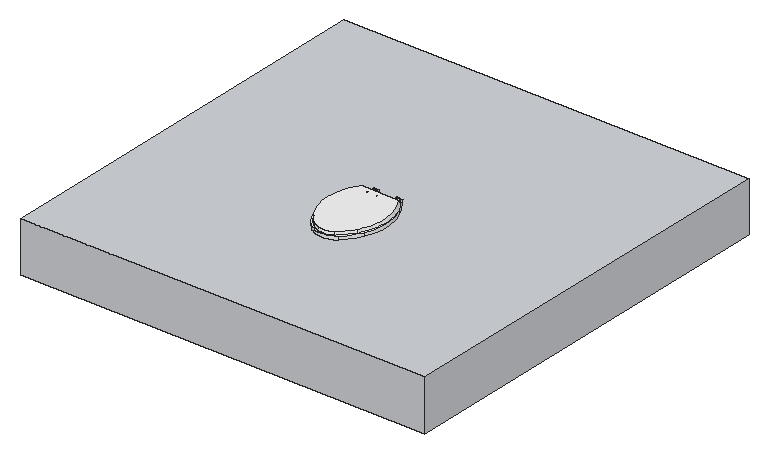
Revit family
Parameters (values of type "Plastic-White-0")
  Width = 1' - 2 3/16"
  URL = "http://www.us.kohler.com"
  Product Page URL = "http://www.us.kohler.com/onlinecatalog/detail.jsp?prod_num=2746"
  Product Documentation Link = "http://www.us.kohler.com/onlinecatalog/pdf/1133011_4.pdf"
  Model = "K-4774"  # constant formula
  Manufacturer = "Kohler"  # constant formula
  Length = 1' - 6 5/8"
  Height = 0' - 1 27/32"
  Finish = Plastic-Kohler-0-White
  Description = "Brevia(tm) Elongated Toilet Seat with Q2 Advantage(tm)"  # constant formula
  Default Elevation = 0' - 0"
  Created By = "http://medialab3dstudio.com/"
  Assembly Code = "C1030200"
  ADA Compliant = no
Reference planes (in)
  plane 1 "Pivot Center": y = 0
  plane 2 "Bottom": z = 0
  plane 3 "Center (Left/Right)": x = 0
  plane 4 "Left": x = -7.09375
  plane 5 "Right": x = 7.09375
  plane 6 "Front": y = -18.625
  plane 7 "Top": z = 1.84375
  plane 8: z = 0.95237
  plane 9: z = 0.75688
  plane 10: z = 1.45127
  plane 11: z = 1.94195
  plane 12: y = -3.12931
  plane 13 "Back": y = 1.08495
  plane 14: y = -1.04022
  plane 15: x = -4.11485
  plane 16: x = 4.11485
  plane 17: x = 4.80147
  plane 18: x = -4.80147
  plane 19: y = -1.2242
  plane 20: y = -14.47078
  plane 21: x = -5.26405
  plane 22: x = 5.26405
  plane 23: y = -17.77169
  plane 24: x = -2.35317
  plane 25: x = 2.35317
  plane 26: y = -1.3275
  plane 27: x = -3.98386
  plane 28: x = 3.98786
  plane 29: y = -1.50562
  plane 30: x = 4.64862
  plane 31: x = -4.64862
  plane 32: y = -14.33051
  plane 33: x = -5.09647
  plane 34: x = 5.09647
  plane 35: y = -17.52634
  plane 36: x = 2.27826
  plane 37: x = -2.27826
  plane 38: x = -5.99318
  plane 39: x = 6.00347
  plane 40: y = -13.2792
  plane 41: y = -17.44483
  plane 42: x = 3.19407
  plane 43: x = -3.19371
  plane 44: y = -0.57214
  plane 45: x = -7.26472
  plane 46: y = -3.80313
  plane 47: x = -6.24179
  plane 48: x = -4.70871
  plane 49: x = -4.33174
  plane 50: y = -0.7054
  plane 51: x = -3.42708
  plane 52: y = -1.52498
  plane 53: y = -0.8087
  plane 54: x = 7.26472
  plane 55: x = 6.24179
  plane 56: x = 4.70871
  plane 57: x = 4.33174
  plane 58: x = 3.42708
  plane 59: y = 0.90205
  plane 60: z = 0.38716
  plane 61: y = 1.02392
  plane 62: z = 0.57112
  plane 63: y = 1.06639
  plane 64: y = 0.80927
  plane 65: z = 0.60129
  plane 66: y = -0.10557
  plane 67: z = 0.61726
  plane 68: z = 0.66991
  plane 69: y = -0.48018
  plane 70: y = -0.74537
  plane 71: z = 0.79356
  plane 72: y = -0.88092
  plane 73: z = 0.78646
  plane 74: y = -1.18866
  plane 75: z = 0.70973
  plane 76: x = -3.42685
  plane 77: x = -2.118
  plane 78: x = 2.07618
  plane 79: x = 3.42897
  plane 80: y = -1.10177
  plane 81: z = 0.91266
  plane 82: y = -1.08882
Forms (in)
  Extrusion 1, solid
    sketch origin (0, 0, 0) x (1, 0, 0) y (0, 1, 0)
      loop
        line (-48, 48) -> (-48, -48) -> (48, -48) -> (48, 48) -> (-48, 48)
    from 0 to -12
  Blend 2, solid, material "Plastic-Kohler-0-White" <- "Finish"
    base sketch origin (0, 0, 0) x (1, 0, 0) y (0, 1, 0)
      loop
        line (4.11485, -1.04022) -> (-4.11485, -1.04022) -> (-4.80147, -1.2242)
        arc (-4.80147, -1.2242) -> (-6.96148, -7.78014) -> (-5.26405, -14.47078) r 12.34417
        arc (-5.26405, -14.47078) -> (-3.9666, -16.26056) -> (-2.35317, -17.77169) r 11.59958
        arc (-2.35317, -17.77169) -> (0, -18.41734) -> (2.35317, -17.77169) r 4.61111
        arc (2.35317, -17.77169) -> (3.9666, -16.26056) -> (5.26405, -14.47078) r 11.59958
        arc (5.26405, -14.47078) -> (6.96148, -7.78014) -> (4.80147, -1.2242) r 12.34417
        line (4.80147, -1.2242) -> (4.11485, -1.04022)
    top sketch origin (0, 0, 0) x (1, 0, 0) y (0, 1, 0)
      loop
        line (3.98386, -1.3275) -> (-3.98386, -1.3275) -> (-4.64862, -1.50562)
        arc (-4.64862, -1.50562) -> (-6.73987, -7.85286) -> (-5.09647, -14.33051) r 11.95121
        arc (-5.09647, -14.33051) -> (-3.84033, -16.06331) -> (-2.27826, -17.52634) r 11.23032
        arc (-2.27826, -17.52634) -> (0, -18.15144) -> (2.27826, -17.52634) r 4.46432
        arc (2.27826, -17.52634) -> (3.84033, -16.06331) -> (5.09647, -14.33051) r 11.23032
        arc (5.09647, -14.33051) -> (6.73987, -7.85286) -> (4.64862, -1.50562) r 11.95121
        line (4.64862, -1.50562) -> (3.98386, -1.3275)
    from 0.95237 to 1.84375
  Extrusion 3, void
    sketch origin (0, 0, 0) x (0, 1, 0) y (0, 0, 1)
      loop
        line (0, 1.84375) -> (0, 1.94195) -> (-18.625, 1.94195) -> (-18.625, 1.45139) -> (0, 1.84375)
    from -7.09375 to 7.09375
  Extrusion 4, solid, material "Plastic-Kohler-0-White" <- "Finish"
    sketch origin (0, 0, 0) x (1, 0, 0) y (0, 1, 0)
      loop
        line (6.00347, -3.12931) -> (-5.99318, -3.12931)
        arc (-5.99318, -3.12931) -> (-7.09725, -8.20426) -> (-5.99318, -13.2792) r 12.2158
        arc (-5.99318, -13.2792) -> (-4.87757, -15.55296) -> (-3.19371, -17.44483) r 9.36926
        arc (-3.19371, -17.44483) -> (0.00024, -18.625) -> (3.19407, -17.44449) r 4.91137
        arc (3.19407, -17.44449) -> (4.82053, -15.51142) -> (6.00347, -13.2792) r 11.92983
        arc (6.00347, -13.2792) -> (7.10753, -8.20426) -> (6.00347, -3.12931) r 12.2158
    from 0 to 0.75688
  Extrusion 5, solid, material "Plastic-Kohler-0-White" <- "Finish"
    sketch origin (0, 0, 0) x (0, 1, 0) y (0, 0, 1)
      loop
        arc (-3.12931, 0) -> (-1.90992, 0.16053) -> (-0.76113, 0.59982) r 5.26053
        arc (-0.76113, 0.59982) -> (-0.77843, 0.90812) -> (-0.83848, 1.21102) r 2.21366
        arc (-0.83848, 1.21102) -> (-0.90732, 1.27901) -> (-1.00063, 1.30464) r 0.19141
        arc (-1.00063, 1.30464) -> (-1.11085, 1.30591) -> (-1.21917, 1.28552) r 0.55893
        arc (-1.21917, 1.28552) -> (-1.64538, 1.16483) -> (-2.05554, 0.99753) r 3.98137
        arc (-2.05554, 0.99753) -> (-2.57898, 0.81724) -> (-3.12931, 0.75688) r 2.49387
        line (-3.12931, 0.75688) -> (-3.12931, 0)
    from -7.09375 to 7.09375
  Extrusion 6, void
    sketch origin (0, 0, 0) x (1, 0, 0) y (0, 1, 0)
      loop
        arc (-6.24179, -3.80313) -> (-5.58957, -2.24746) -> (-4.70898, -0.8087) r 11.09088
        arc (-4.70898, -0.8087) -> (-4.52731, -0.73169) -> (-4.33174, -0.7054) r 0.74043
        line (-4.33174, -0.7054) -> (-3.42708, -0.7054) -> (-3.42708, -1.52498)
        arc (-3.42708, -1.52498) -> (0.00094, -1.55068) -> (3.42897, -1.52495) r 228.5301
        line (3.42897, -1.52495) -> (3.42897, -0.7054) -> (4.33174, -0.7054)
        arc (4.33174, -0.7054) -> (4.52731, -0.73169) -> (4.70898, -0.8087) r 0.74043
        arc (4.70898, -0.8087) -> (5.58957, -2.24746) -> (6.24179, -3.80313) r 11.09088
        line (6.24179, -3.80313) -> (7.26472, -3.80313) -> (7.26472, -0.57214) -> (-7.26472, -0.57214) -> (-7.26472, -3.80313) -> (-6.24179, -3.80313)
    from 0 to 1.94195
  Extrusion 7, solid, material "Plastic-Kohler-0-White" <- "Finish"
    sketch origin (0, 0, 0) x (0, 1, 0) y (0, 0, 1)
      loop
        line (-1.18866, 0) -> (0.90205, 0)
        arc (0.90205, 0) -> (0.93061, 0.21634) -> (1.06639, 0.38716) r 0.40879
        arc (1.06639, 0.38716) -> (1.08141, 0.48751) -> (1.02392, 0.57112) r 0.13837
        line (1.02392, 0.57112) -> (0.80927, 0.60129) -> (-0.10557, 0.61726)
        arc (-0.10557, 0.61726) -> (-0.29448, 0.63213) -> (-0.48018, 0.66991) r 1.55204
        line (-0.48018, 0.66991) -> (-0.74537, 0.79356)
        arc (-0.74537, 0.79356) -> (-0.81343, 0.79542) -> (-0.88092, 0.78646) r 0.42827
        line (-0.88092, 0.78646) -> (-1.18866, 0.70973) -> (-1.18866, 0)
    from -3.42685 to -2.118
  Extrusion 8, solid, material "Plastic-Kohler-0-White" <- "Finish"
    sketch origin (0, 0, 0) x (0, 1, 0) y (0, 0, 1)
      loop
        line (-1.18866, 0) -> (0.90205, 0)
        arc (0.90205, 0) -> (0.93061, 0.21634) -> (1.06639, 0.38716) r 0.40879
        arc (1.06639, 0.38716) -> (1.08141, 0.48751) -> (1.02392, 0.57112) r 0.13837
        line (1.02392, 0.57112) -> (0.80927, 0.60129) -> (-0.10557, 0.61726)
        arc (-0.10557, 0.61726) -> (-0.29448, 0.63213) -> (-0.48018, 0.66991) r 1.55204
        line (-0.48018, 0.66991) -> (-0.74537, 0.79356)
        arc (-0.74537, 0.79356) -> (-0.81343, 0.79542) -> (-0.88092, 0.78646) r 0.42827
        line (-0.88092, 0.78646) -> (-1.18866, 0.70973) -> (-1.18866, 0)
    from 2.07618 to 3.42897
  Extrusion 9, solid, material "Plastic-Kohler-0-White" <- "Finish"
    sketch origin (0, 0, 0) x (0, 1, 0) y (0, 0, 1)
      loop
        arc (-0.91311, 0.91266) -> (-0.96837, 1.04607) -> (-1.10177, 1.10133) r 0.18866
        arc (-1.10177, 1.10133) -> (-1.23518, 1.04607) -> (-1.29044, 0.91266) r 0.18866
        arc (-1.29044, 0.91266) -> (-1.23518, 0.77926) -> (-1.10177, 0.724) r 0.18866
        arc (-1.10177, 0.724) -> (-0.96837, 0.77926) -> (-0.91311, 0.91266) r 0.18866
    from -3.42685 to 3.42897
Cuts and joins
  Extrusion 3 cuts Blend 2
  Extrusion 6 cuts Extrusion 5
  joined: Blend 2, Extrusion 4, Extrusion 5, Extrusion 9
Lines and regions (in)
  Masking region 1, detail levels coarse
    outline origin (0, 0, 0) x (1, 0, 0) y (0, 1, 0)
      loop
        line (-7.09375, 1.08495) -> (-7.09375, -18.625) -> (7.09375, -18.625) -> (7.09375, 1.08495) -> (-7.09375, 1.08495)
  Masking region 2, detail levels medium+fine
    outline origin (0, 0, 0) x (1, 0, 0) y (0, 1, 0)
      loop
        arc (-5.99455, -3.1323) -> (-7.09725, -8.2059) -> (-5.99318, -13.2792) r 12.2158
        arc (-5.99318, -13.2792) -> (-4.87757, -15.55296) -> (-3.19371, -17.44483) r 9.36926
        arc (-3.19371, -17.44483) -> (0.00024, -18.625) -> (3.19407, -17.44449) r 4.91137
        arc (3.19407, -17.44449) -> (4.82053, -15.51142) -> (6.00347, -13.2792) r 11.92983
        arc (6.00347, -13.2792) -> (7.10703, -8.09306) -> (5.90924, -2.92787) r 12.2158
        arc (5.90924, -2.92787) -> (5.36746, -1.83524) -> (4.70898, -0.8087) r 11.09088
        arc (4.70898, -0.8087) -> (4.66213, -0.78319) -> (4.61357, -0.76113) r 0.74043
        line (4.61357, -0.76113) -> (3.42897, -0.76113) -> (3.42897, 1.08495) -> (2.07618, 1.08495) -> (2.07618, -0.91505) -> (-2.118, -0.91505) -> (-2.118, 1.08495) -> (-3.42685, 1.08495) -> (-3.42685, -0.76113) -> (-4.61357, -0.76113)
        arc (-4.61357, -0.76113) -> (-4.66213, -0.78319) -> (-4.70898, -0.8087) r 0.74043
        arc (-4.70898, -0.8087) -> (-5.42156, -1.93189) -> (-5.99455, -3.1323) r 11.09088
  Masking region 3, detail levels coarse
    outline origin (0, 0, 0) x (1, 0, 0) y (0, 0, 1)
      loop
        line (-7.09375, 1.84375) -> (-7.09375, 0) -> (7.09375, 0) -> (7.09375, 1.84375) -> (-7.09375, 1.84375)
  Masking region 4, detail levels medium+fine
    outline origin (0, 0, 0) x (1, 0, 0) y (0, 0, 1)
      loop
        line (-7.09725, 0) -> (7.09375, 0) -> (7.09375, 0.75688) -> (5.99334, 0.75688)
        spline (5.99334, 0.75688) -> (5.95799, 0.75827) -> (5.9221, 0.7624) -> (5.88572, 0.76927) -> (5.84887, 0.77887) -> (5.81159, 0.79119) -> (5.77391, 0.80622) -> (5.73587, 0.82395) -> (5.69751, 0.84436) -> (5.65885, 0.86743) -> (5.61995, 0.89314) -> (5.58083, 0.92146) -> (5.54154, 0.95237)
        line (5.54154, 0.95237) -> (6.969, 0.95237) -> (6.78991, 1.67443)
        spline (6.78991, 1.67443) -> (6.77463, 1.68674) -> (6.72883, 1.69901) -> (6.65262, 1.71123) -> (6.54621, 1.72335) -> (6.40986, 1.73534) -> (6.24392, 1.74718) -> (6.04881, 1.75884) -> (5.82502, 1.77028) -> (5.57314, 1.78148) -> (5.2938, 1.7924) -> (4.9877, 1.80302) -> (4.65564, 1.81332)
        line (4.65564, 1.81332) -> (3.98786, 1.81693) -> (-3.98786, 1.81693) -> (-4.65564, 1.81332)
        spline (-4.65564, 1.81332) -> (-4.97852, 1.80332) -> (-5.27691, 1.79302) -> (-5.55012, 1.78243) -> (-5.79748, 1.77158) -> (-6.01839, 1.7605) -> (-6.21233, 1.74921) -> (-6.37883, 1.73774) -> (-6.51749, 1.72612) -> (-6.62798, 1.71437) -> (-6.71003, 1.70253) -> (-6.76344, 1.69062) -> (-6.78809, 1.67867)
      loop
        line (-6.79111, 1.67943) -> (-6.969, 0.95237) -> (-5.5433, 0.95237)
        spline (-5.5433, 0.95237) -> (-5.58335, 0.92174) -> (-5.62306, 0.89364) -> (-5.66238, 0.86811) -> (-5.7013, 0.84517) -> (-5.73976, 0.82484) -> (-5.77773, 0.80713) -> (-5.81518, 0.79208) -> (-5.85207, 0.77968) -> (-5.88836, 0.76995) -> (-5.92403, 0.76291) -> (-5.95903, 0.75855) -> (-5.99334, 0.75688)
        line (-5.99334, 0.75688) -> (-7.09375, 0.75688) -> (-7.09375, 0)
  Masking region 5, detail levels coarse
    outline origin (0, 0, 0) x (0, 1, 0) y (0, 0, 1)
      loop
        line (1.08495, 1.84375) -> (-18.625, 1.84375) -> (-18.625, 0) -> (1.08495, 0) -> (1.08495, 1.84375)
  Masking region 6, detail levels medium+fine
    outline origin (0, 0, 0) x (0, 1, 0) y (0, 0, 1)
      loop
        line (-18.25065, 1.45901) -> (-18.41734, 0.95237) -> (-2.15647, 0.95237)
        arc (-2.15647, 0.95237) -> (-2.63307, 0.80575) -> (-3.12931, 0.75688) r 2.49387
        line (-3.12931, 0.75688) -> (-18.625, 0.75688) -> (-18.625, 0) -> (-3.12931, 0)
        arc (-3.12931, 0) -> (-2.13999, 0.10772) -> (-1.18866, 0.39984) r 5.26053
        line (-1.18866, 0.39984) -> (-1.18866, 0) -> (0.90205, 0)
        arc (0.90205, 0) -> (0.93061, 0.21634) -> (1.06639, 0.38716) r 0.40879
        arc (1.06639, 0.38716) -> (1.08141, 0.48751) -> (1.02392, 0.57112) r 0.13837
        line (1.02392, 0.57112) -> (0.80927, 0.60129) -> (-0.10557, 0.61726)
        arc (-0.10557, 0.61726) -> (-0.29448, 0.63213) -> (-0.48018, 0.66991) r 1.55204
        line (-0.48018, 0.66991) -> (-0.76775, 0.804)
        arc (-0.76775, 0.804) -> (-0.7936, 1.00916) -> (-0.83848, 1.21102) r 2.21366
        arc (-0.83848, 1.21102) -> (-0.90732, 1.27901) -> (-1.00063, 1.30464) r 0.19141
        arc (-1.00063, 1.30464) -> (-1.07752, 1.30782) -> (-1.15412, 1.30041) r 0.55893
        line (-1.15412, 1.30041) -> (-1.31872, 1.81693) -> (-18.25065, 1.45901)
  symbolic lines, style "Masking Lines", detail levels fine
    curve 1: spline (-5.39717, -13.9346, 0) -> (-5.86328, -12.94762, 0) -> (-6.23771, -11.92236, 0) -> (-6.51738, -10.86732, 0) -> (-6.69997, -9.79123, 0) -> (-6.78396, -8.703, 0) -> (-6.76865, -7.61164, 0) -> (-6.65418, -6.52619, 0) -> (-6.4415, -5.45564, 0) -> (-6.13235, -4.40885, 0) -> (-5.72931, -3.39449, 0) -> (-5.23571, -2.42096, 0) -> (-4.65564, -1.49633, 0)
    curve 2: spline (-2.30894, -17.62647, 0) -> (-2.62361, -17.37283, 0) -> (-2.92905, -17.10816, 0) -> (-3.22487, -16.83278, 0) -> (-3.51071, -16.54706, 0) -> (-3.78619, -16.25135, 0) -> (-4.05097, -15.94602, 0) -> (-4.30472, -15.63146, 0) -> (-4.54711, -15.30808, 0) -> (-4.77783, -14.97627, 0) -> (-4.9966, -14.63647, 0) -> (-5.20313, -14.2891, 0) -> (-5.39717, -13.9346, 0)
    curve 3: spline (2.30894, -17.62647, 0) -> (1.95327, -17.81795, 0) -> (1.58185, -17.97676, 0) -> (1.19768, -18.10163, 0) -> (0.80386, -18.19155, 0) -> (0.40355, -18.24579, 0) -> (0, -18.26392, 0) -> (-0.40355, -18.24579, 0) -> (-0.80386, -18.19155, 0) -> (-1.19768, -18.10163, 0) -> (-1.58185, -17.97676, 0) -> (-1.95327, -17.81795, 0) -> (-2.30894, -17.62647, 0)
    curve 4: spline (5.39717, -13.9346, 0) -> (5.20313, -14.2891, 0) -> (4.9966, -14.63647, 0) -> (4.77783, -14.97627, 0) -> (4.54711, -15.30808, 0) -> (4.30472, -15.63146, 0) -> (4.05097, -15.94602, 0) -> (3.78619, -16.25135, 0) -> (3.51071, -16.54706, 0) -> (3.22487, -16.83278, 0) -> (2.92905, -17.10816, 0) -> (2.62361, -17.37283, 0) -> (2.30894, -17.62647, 0)
    curve 5: spline (4.65564, -1.49633, 0) -> (5.23571, -2.42096, 0) -> (5.72931, -3.39449, 0) -> (6.13235, -4.40885, 0) -> (6.4415, -5.45564, 0) -> (6.65418, -6.52619, 0) -> (6.76865, -7.61164, 0) -> (6.78396, -8.703, 0) -> (6.69997, -9.79123, 0) -> (6.51738, -10.86732, 0) -> (6.23771, -11.92236, 0) -> (5.86328, -12.94762, 0) -> (5.39717, -13.9346, 0)
    curve 6: line (3.98786, -1.31872, 0) -> (4.65564, -1.49633, 0)
    curve 7: line (-3.98786, -1.31872, 0) -> (3.98786, -1.31872, 0)
    curve 8: line (-4.65564, -1.49633, 0) -> (-3.98786, -1.31872, 0)
    curve 9: line (-4.06291, -1.15412, 0) -> (-3.42708, -1.15412, 0)
    curve 10: spline (-4.74777, -1.32307, 0) -> (-4.71263, -1.31445, 0) -> (-4.67749, -1.30583, 0) -> (-4.64234, -1.29719, 0) -> (-4.6072, -1.28855, 0) -> (-4.57207, -1.2799, 0) -> (-4.53693, -1.27125, 0) -> (-4.50179, -1.26258, 0) -> (-4.46665, -1.25392, 0) -> (-4.43151, -1.24524, 0) -> (-4.39638, -1.23656, 0) -> (-4.36124, -1.22787, 0) -> (-4.32611, -1.21917, 0)
    curve 11: spline (-4.32611, -1.21917, 0) -> (-4.30416, -1.21386, 0) -> (-4.28223, -1.20852, 0) -> (-4.26029, -1.20317, 0) -> (-4.23835, -1.19779, 0) -> (-4.21641, -1.1924, 0) -> (-4.19448, -1.18699, 0) -> (-4.17255, -1.18156, 0) -> (-4.15062, -1.17611, 0) -> (-4.12869, -1.17064, 0) -> (-4.10676, -1.16515, 0) -> (-4.08484, -1.15965, 0) -> (-4.06291, -1.15412, 0)
    curve 12: spline (-5.30469, -2.05042, 0) -> (-5.25992, -1.99081, 0) -> (-5.21482, -1.93098, 0) -> (-5.1694, -1.87094, 0) -> (-5.12367, -1.81071, 0) -> (-5.07765, -1.75028, 0) -> (-5.03132, -1.68968, 0) -> (-4.98472, -1.62892, 0) -> (-4.93784, -1.56801, 0) -> (-4.8907, -1.50695, 0) -> (-4.8433, -1.44577, 0) -> (-4.79565, -1.38448, 0) -> (-4.74777, -1.32307, 0)
    curve 13: spline (-5.38225, -2.15649, 0) -> (-5.37585, -2.14753, 0) -> (-5.36944, -2.13859, 0) -> (-5.36301, -2.12968, 0) -> (-5.35657, -2.12078, 0) -> (-5.35013, -2.11191, 0) -> (-5.34367, -2.10306, 0) -> (-5.3372, -2.09423, 0) -> (-5.33072, -2.08542, 0) -> (-5.32423, -2.07664, 0) -> (-5.31773, -2.06787, 0) -> (-5.31121, -2.05913, 0) -> (-5.30469, -2.05042, 0)
    curve 14: arc (-5.26405, -14.47078, 0) -> (-6.96843, -8.32943, 0) -> (-5.38225, -2.15649, 0) r 12.34417
    curve 15: arc (-2.35317, -17.77169, 0) -> (-3.9666, -16.26056, 0) -> (-5.26405, -14.47078, 0) r 11.59958
    curve 16: arc (2.35317, -17.77169, 0) -> (0, -18.41734, 0) -> (-2.35317, -17.77169, 0) r 4.61111
    curve 17: arc (5.26405, -14.47078, 0) -> (3.9666, -16.26056, 0) -> (2.35317, -17.77169, 0) r 11.59958
    curve 18: arc (5.38224, -2.15647, 0) -> (6.96843, -8.32942, 0) -> (5.26405, -14.47078, 0) r 12.34417
    curve 19: spline (4.74777, -1.32307, 0) -> (4.79622, -1.38473, 0) -> (4.8444, -1.44631, 0) -> (4.89228, -1.5078, 0) -> (4.93986, -1.56921, 0) -> (4.98713, -1.6305, 0) -> (5.03407, -1.69168, 0) -> (5.08069, -1.75272, 0) -> (5.12697, -1.81362, 0) -> (5.17291, -1.87436, 0) -> (5.21848, -1.93494, 0) -> (5.26369, -1.99533, 0) -> (5.30853, -2.05554, 0)
    curve 20: spline (4.32611, -1.21917, 0) -> (4.36124, -1.22787, 0) -> (4.39638, -1.23656, 0) -> (4.43151, -1.24524, 0) -> (4.46665, -1.25392, 0) -> (4.50179, -1.26258, 0) -> (4.53693, -1.27125, 0) -> (4.57206, -1.2799, 0) -> (4.6072, -1.28855, 0) -> (4.64234, -1.29719, 0) -> (4.67748, -1.30583, 0) -> (4.71263, -1.31445, 0) -> (4.74777, -1.32307, 0)
    curve 21: spline (4.06291, -1.15412, 0) -> (4.08484, -1.15965, 0) -> (4.10676, -1.16515, 0) -> (4.12869, -1.17064, 0) -> (4.15062, -1.17611, 0) -> (4.17255, -1.18156, 0) -> (4.19448, -1.18699, 0) -> (4.21641, -1.1924, 0) -> (4.23835, -1.19779, 0) -> (4.26029, -1.20317, 0) -> (4.28222, -1.20852, 0) -> (4.30416, -1.21386, 0) -> (4.32611, -1.21917, 0)
    curve 22: line (3.42897, -1.15412, 0) -> (4.06291, -1.15412, 0)
    curve 23: line (3.42897, -1.08882, 0) -> (-3.42685, -1.08882, 0)
    curve 24: line (-6.969, -18.625, 0.95237) -> (6.969, -18.625, 0.95237)
    curve 25: line (7.10753, -18.625, 0.75688) -> (-7.09375, -18.625, 0.75688)
    curve 26: spline (-5.0348, -18.625, 1.53382) -> (-5.3092, -18.625, 1.54345) -> (-5.5617, -18.625, 1.55333) -> (-5.79176, -18.625, 1.56343) -> (-5.99891, -18.625, 1.57374) -> (-6.18272, -18.625, 1.58423) -> (-6.3428, -18.625, 1.59488) -> (-6.47882, -18.625, 1.60566) -> (-6.5905, -18.625, 1.61656) -> (-6.6776, -18.625, 1.62756) -> (-6.73995, -18.625, 1.63862) -> (-6.77741, -18.625, 1.64973) -> (-6.78991, -18.625, 1.66086)
    curve 27: spline (-2.30032, -18.625, 1.47161) -> (-2.56877, -18.625, 1.47598) -> (-2.83059, -18.625, 1.48051) -> (-3.08555, -18.625, 1.4852) -> (-3.3334, -18.625, 1.49004) -> (-3.57392, -18.625, 1.49504) -> (-3.8069, -18.625, 1.50018) -> (-4.03212, -18.625, 1.50546) -> (-4.24936, -18.625, 1.51088) -> (-4.45844, -18.625, 1.51643) -> (-4.65917, -18.625, 1.52211) -> (-4.85134, -18.625, 1.5279) -> (-5.0348, -18.625, 1.53382)
    curve 28: spline (2.30894, -18.625, 1.47171) -> (1.95402, -18.625, 1.46783) -> (1.58341, -18.625, 1.4646) -> (1.2001, -18.625, 1.46206) -> (0.80715, -18.625, 1.46023) -> (0.40772, -18.625, 1.45913) -> (0.00502, -18.625, 1.45875) -> (-0.39772, -18.625, 1.45911) -> (-0.79727, -18.625, 1.4602) -> (-1.19042, -18.625, 1.46201) -> (-1.57402, -18.625, 1.46453) -> (-1.94498, -18.625, 1.46774) -> (-2.30032, -18.625, 1.47161)
    curve 29: spline (5.03298, -18.625, 1.53373) -> (4.85009, -18.625, 1.52784) -> (4.65854, -18.625, 1.52206) -> (4.45851, -18.625, 1.5164) -> (4.25017, -18.625, 1.51087) -> (4.03373, -18.625, 1.50547) -> (3.80937, -18.625, 1.50021) -> (3.5773, -18.625, 1.49508) -> (3.33774, -18.625, 1.4901) -> (3.09089, -18.625, 1.48527) -> (2.83699, -18.625, 1.48059) -> (2.57626, -18.625, 1.47607) -> (2.30894, -18.625, 1.47171)
    curve 30: spline (6.78991, -18.625, 1.66084) -> (6.7774, -18.625, 1.6497) -> (6.7399, -18.625, 1.63858) -> (6.67749, -18.625, 1.62752) -> (6.59029, -18.625, 1.61652) -> (6.47849, -18.625, 1.60561) -> (6.34233, -18.625, 1.59482) -> (6.18208, -18.625, 1.58417) -> (5.99808, -18.625, 1.57367) -> (5.79071, -18.625, 1.56336) -> (5.56041, -18.625, 1.55325) -> (5.30766, -18.625, 1.54337) -> (5.03298, -18.625, 1.53373)
    curve 31: arc (0, -1.18866, 0.39984) -> (0, -0.97265, 0.49503) -> (0, -0.76113, 0.59982) r 5.26053
    curve 32: arc (0, -1.15385, 1.29957) -> (0, -1.66228, 1.15896) -> (0, -2.14767, 0.95237) r 3.98137
    curve 33: spline (5.54154, 1.08495, 0.95237) -> (5.53716, 1.08495, 0.95596) -> (5.53279, 1.08495, 0.95958) -> (5.52841, 1.08495, 0.96324) -> (5.52403, 1.08495, 0.96692) -> (5.51965, 1.08495, 0.97064) -> (5.51527, 1.08495, 0.97439) -> (5.51089, 1.08495, 0.97817) -> (5.5065, 1.08495, 0.98198) -> (5.50212, 1.08495, 0.98582) -> (5.49773, 1.08495, 0.98969) -> (5.49334, 1.08495, 0.9936) -> (5.48895, 1.08495, 0.99753)
    curve 34: spline (5.48895, 1.08495, 0.99753) -> (5.45144, 1.08495, 1.02938) -> (5.41317, 1.08495, 1.05982) -> (5.37414, 1.08495, 1.08887) -> (5.33438, 1.08495, 1.1165) -> (5.2939, 1.08495, 1.1427) -> (5.25271, 1.08495, 1.16747) -> (5.21083, 1.08495, 1.1908) -> (5.16826, 1.08495, 1.21267) -> (5.12504, 1.08495, 1.23309) -> (5.08117, 1.08495, 1.25204) -> (5.03666, 1.08495, 1.26952) -> (4.99154, 1.08495, 1.28552)
    curve 35: spline (4.99154, 1.08495, 1.28552) -> (4.9796, 1.08495, 1.29043) -> (4.96757, 1.08495, 1.29474) -> (4.95547, 1.08495, 1.29846) -> (4.94329, 1.08495, 1.30157) -> (4.93105, 1.08495, 1.30408) -> (4.91876, 1.08495, 1.30598) -> (4.90643, 1.08495, 1.30728) -> (4.89407, 1.08495, 1.30797) -> (4.88169, 1.08495, 1.30805) -> (4.86929, 1.08495, 1.30752) -> (4.85688, 1.08495, 1.30638) -> (4.84449, 1.08495, 1.30464)
    curve 36: spline (4.84449, 1.08495, 1.30464) -> (4.83307, 1.08495, 1.30411) -> (4.82179, 1.08495, 1.30216) -> (4.81073, 1.08495, 1.29881) -> (4.79995, 1.08495, 1.29407) -> (4.7895, 1.08495, 1.28797) -> (4.77944, 1.08495, 1.28054) -> (4.76984, 1.08495, 1.27184) -> (4.76074, 1.08495, 1.26189) -> (4.7522, 1.08495, 1.25078) -> (4.74427, 1.08495, 1.23854) -> (4.73699, 1.08495, 1.22527) -> (4.7304, 1.08495, 1.21102)
    curve 37: spline (4.7304, 1.08495, 1.21102) -> (4.72843, 1.08495, 1.20084) -> (4.7265, 1.08495, 1.19063) -> (4.7246, 1.08495, 1.18041) -> (4.72273, 1.08495, 1.17017) -> (4.72089, 1.08495, 1.15992) -> (4.71909, 1.08495, 1.14964) -> (4.71732, 1.08495, 1.13935) -> (4.71558, 1.08495, 1.12904) -> (4.71388, 1.08495, 1.11872) -> (4.71221, 1.08495, 1.10837) -> (4.71058, 1.08495, 1.09802) -> (4.70898, 1.08495, 1.08764)
    curve 38: line (4.70898, 1.08495, 1.08764) -> (4.70898, 1.08495, 0.57586)
    curve 39: spline (4.70898, 1.08495, 0.57586) -> (4.83233, 1.08495, 0.49027) -> (4.95325, 1.08495, 0.4112) -> (5.07157, 1.08495, 0.33878) -> (5.18712, 1.08495, 0.2731) -> (5.29975, 1.08495, 0.21424) -> (5.4093, 1.08495, 0.1623) -> (5.51563, 1.08495, 0.11734) -> (5.61857, 1.08495, 0.07942) -> (5.718, 1.08495, 0.0486) -> (5.81378, 1.08495, 0.02492) -> (5.90577, 1.08495, 0.00841) -> (5.99384, 1.08495, -0.0009)
    curve 40: spline (4.61357, 1.08495, 0.59982) -> (4.62182, 1.08495, 0.59801) -> (4.63002, 1.08495, 0.59616) -> (4.63816, 1.08495, 0.59426) -> (4.64626, 1.08495, 0.59231) -> (4.6543, 1.08495, 0.59033) -> (4.66229, 1.08495, 0.5883) -> (4.67022, 1.08495, 0.58622) -> (4.67809, 1.08495, 0.58411) -> (4.68591, 1.08495, 0.58195) -> (4.69366, 1.08495, 0.57974) -> (4.70135, 1.08495, 0.5775) -> (4.70898, 1.08495, 0.57521)
    curve 41: line (4.61357, 1.08495, 0.59982) -> (3.42897, 1.08495, 0.59982)
    curve 42: line (3.42897, 1.08495, 0) -> (3.42897, 1.08495, 0.79356)
    curve 43: line (3.42897, 1.08495, 0.27383) -> (3.42897, 1.08495, 1.30464)
    curve 44: line (3.42897, 1.08495, 1.30464) -> (4.84449, 1.08495, 1.30464)
    curve 45: line (-3.42708, 1.08495, 1.10088) -> (3.42897, 1.08495, 1.10088)
    curve 46: line (2.07618, 1.08495, 0.79356) -> (3.42897, 1.08495, 0.79356)
    curve 47: line (2.07618, 1.08495, 0.79356) -> (2.07618, 1.08495, 0)
    curve 48: line (2.07618, 1.08495, 0.38716) -> (3.42897, 1.08495, 0.38716)
    curve 49: line (2.07618, 1.08495, 0.57112) -> (3.42897, 1.08495, 0.57112)
    curve 50: line (2.07618, 1.08495, 0.60129) -> (3.42897, 1.08495, 0.60129)
    curve 51: line (2.07618, 1.08495, 0.66991) -> (3.42897, 1.08495, 0.66991)
    curve 52: spline (-2.118, 1.08495, 0.26848) -> (-1.76849, 1.08495, 0.26748) -> (-1.41898, 1.08495, 0.26666) -> (-1.06947, 1.08495, 0.26602) -> (-0.71995, 1.08495, 0.26557) -> (-0.37043, 1.08495, 0.26529) -> (-0.02091, 1.08495, 0.26518) -> (0.32861, 1.08495, 0.26526) -> (0.67813, 1.08495, 0.26552) -> (1.02764, 1.08495, 0.26596) -> (1.37716, 1.08495, 0.26658) -> (1.72667, 1.08495, 0.26738) -> (2.07618, 1.08495, 0.26835)
    curve 53: line (2.07618, 1.08495, 0.75688) -> (-3.42708, 1.08495, 0.75688)
    curve 54: line (-3.42708, 1.08495, 0.38716) -> (-2.118, 1.08495, 0.38716)
    curve 55: line (-3.42708, 1.08495, 0.57112) -> (-2.118, 1.08495, 0.57112)
    curve 56: line (-3.42708, 1.08495, 0.60129) -> (-2.118, 1.08495, 0.60129)
    curve 57: line (-3.42708, 1.08495, 0.66991) -> (-2.118, 1.08495, 0.66991)
    curve 58: line (-3.42708, 1.08495, 0.79356) -> (-2.118, 1.08495, 0.79356)
    curve 59: line (-2.118, 1.08495, 0) -> (-2.118, 1.08495, 0.79356)
    curve 60: line (-3.42708, 1.08495, 1.30464) -> (-3.42708, 1.08495, 0)
    curve 61: line (-4.84449, 1.08495, 1.30464) -> (-3.42708, 1.08495, 1.30464)
    curve 62: line (-3.42708, 1.08495, 0.59982) -> (-4.61357, 1.08495, 0.59982)
    curve 63: spline (-4.71059, 1.08495, 0.57473) -> (-4.70284, 1.08495, 0.57706) -> (-4.69502, 1.08495, 0.57934) -> (-4.68714, 1.08495, 0.58159) -> (-4.6792, 1.08495, 0.58379) -> (-4.6712, 1.08495, 0.58595) -> (-4.66313, 1.08495, 0.58806) -> (-4.65501, 1.08495, 0.59013) -> (-4.64683, 1.08495, 0.59216) -> (-4.63859, 1.08495, 0.59414) -> (-4.6303, 1.08495, 0.59608) -> (-4.62196, 1.08495, 0.59797) -> (-4.61357, 1.08495, 0.59982)
    curve 64: spline (-5.99382, 1.08495, -0.00092) -> (-5.90471, 1.08495, 0.00767) -> (-5.81191, 1.08495, 0.02356) -> (-5.71553, 1.08495, 0.04674) -> (-5.61571, 1.08495, 0.07717) -> (-5.51258, 1.08495, 0.11482) -> (-5.40629, 1.08495, 0.15963) -> (-5.29698, 1.08495, 0.21153) -> (-5.18481, 1.08495, 0.27047) -> (-5.06992, 1.08495, 0.33635) -> (-4.95248, 1.08495, 0.40909) -> (-4.83265, 1.08495, 0.48858) -> (-4.71059, 1.08495, 0.57473)
    curve 65: spline (-4.84449, 1.08495, 1.30464) -> (-4.85709, 1.08495, 1.30636) -> (-4.86967, 1.08495, 1.30749) -> (-4.8822, 1.08495, 1.308) -> (-4.89468, 1.08495, 1.30792) -> (-4.9071, 1.08495, 1.30722) -> (-4.91944, 1.08495, 1.30592) -> (-4.93171, 1.08495, 1.30402) -> (-4.94389, 1.08495, 1.30152) -> (-4.95598, 1.08495, 1.29841) -> (-4.96795, 1.08495, 1.29471) -> (-4.97981, 1.08495, 1.29041) -> (-4.99154, 1.08495, 1.28552)
    curve 66: spline (-4.99154, 1.08495, 1.28552) -> (-5.03702, 1.08495, 1.26935) -> (-5.08182, 1.08495, 1.25173) -> (-5.12592, 1.08495, 1.23267) -> (-5.16931, 1.08495, 1.21217) -> (-5.21197, 1.08495, 1.19025) -> (-5.25389, 1.08495, 1.16691) -> (-5.29505, 1.08495, 1.14215) -> (-5.33543, 1.08495, 1.116) -> (-5.37503, 1.08495, 1.08845) -> (-5.41382, 1.08495, 1.05951) -> (-5.4518, 1.08495, 1.0292) -> (-5.48895, 1.08495, 0.99753)
    curve 67: spline (-5.48895, 1.08495, 0.99753) -> (-5.4935, 1.08495, 0.9936) -> (-5.49804, 1.08495, 0.98969) -> (-5.50259, 1.08495, 0.98582) -> (-5.50712, 1.08495, 0.98198) -> (-5.51166, 1.08495, 0.97817) -> (-5.51619, 1.08495, 0.97439) -> (-5.52072, 1.08495, 0.97064) -> (-5.52524, 1.08495, 0.96692) -> (-5.52976, 1.08495, 0.96324) -> (-5.53428, 1.08495, 0.95958) -> (-5.53879, 1.08495, 0.95596) -> (-5.5433, 1.08495, 0.95237)
    curve 68: arc (0, -0.76113, 0.59982) -> (0, -0.76208, 0.70199) -> (0, -0.76775, 0.804) r 2.21366
Dimensions and locks (in)
  equal spacing: plane 4 "Left", plane 3 "Center (Left/Right)", plane 5 "Right"
  "Width": plane 4 "Left" to plane 5 "Right"
  "Length": plane 6 "Front" to plane 1 "Pivot Center"
  "Height": plane 7 "Top" to plane 2 "Bottom"
  plane 21 to plane 18 to plane 15 to plane 24 to plane 3 "Center (Left/Right)" to plane 25 to plane 16 to plane 17 to plane 22 = 0' - 0.46258" locked, 0' - 0.68662" locked, 0' - 1.76168" locked, 0' - 2.35317" locked, 0' - 2.35317" locked, 0' - 1.76168" locked, 0' - 0.68662" locked, 0' - 0.46258" locked
  plane 23 to plane 20 to plane 19 to plane 14 to plane 13 "Back" = 0' - 3.30091" locked, 1' - 1.24658" locked, 0' - 0.18398" locked, 0' - 2.12517" locked
  plane 33 to plane 31 to plane 27 to plane 37 to plane 3 "Center (Left/Right)" to plane 36 to plane 28 to plane 30 to plane 34 = 0' - 0.44786" locked, 0' - 0.66476" locked, 0' - 1.70559" locked, 0' - 2.27826" locked, 0' - 2.27826" locked, 0' - 1.7096" locked, 0' - 0.66076" locked, 0' - 0.44786" locked
  plane 35 to plane 32 to plane 29 to plane 26 to plane 13 "Back" = 0' - 3.19583" locked, 1' - 0.82489" locked, 0' - 0.17812" locked, 0' - 2.41245" locked
  plane 38 to plane 43 to plane 3 "Center (Left/Right)" to plane 42 to plane 39 = 0' - 2.79947" locked, 0' - 3.19371" locked, 0' - 3.19407" locked, 0' - 2.8094" locked
  plane 41 to plane 40 to plane 13 "Back" = 0' - 4.16563" locked, 1' - 2.36415" locked
  plane 45 to plane 47 to plane 48 to plane 49 to plane 51 to plane 3 "Center (Left/Right)" to plane 58 to plane 57 to plane 56 to plane 55 to plane 54 = 0' - 1.02293" locked, 0' - 1.53307" locked, 0' - 0.37697" locked, 0' - 0.90466" locked, 0' - 3.42708" locked, 0' - 3.42708" locked, 0' - 0.90466" locked, 0' - 0.37697" locked, 0' - 1.53307" locked, 0' - 1.02293" locked
  plane 46 to plane 52 to plane 53 to plane 50 to plane 44 to plane 13 "Back" = 0' - 2.27816" locked, 0' - 0.71628" locked, 0' - 0.1033" locked, 0' - 0.13325" locked, 0' - 1.6571" locked
  plane 13 "Back" to plane 63 to plane 61 to plane 59 to plane 64 to plane 66 to plane 69 to plane 70 to plane 72 to plane 74 = 0' - 0.01856" locked, 0' - 0.04247" locked, 0' - 0.12187" locked, 0' - 0.09278" locked, 0' - 0.91484" locked, 0' - 0.37461" locked, 0' - 0.26519" locked, 0' - 0.13556" locked, 0' - 0.30774" locked
  plane 71 to plane 73 to plane 75 to plane 68 to plane 67 to plane 65 to plane 62 to plane 60 to plane 2 "Bottom" = 0' - 0.0071" locked, 0' - 0.07673" locked, 0' - 0.03983" locked, 0' - 0.05265" locked, 0' - 0.01597" locked, 0' - 0.03017" locked, 0' - 0.18396" locked, 0' - 0.38716" locked
  locked: plane 13 "Back" to plane 80 at 2.18673
  locked: plane 81 to plane 2 "Bottom" at 0.91266
  aligned and locked: plane 2 "Bottom" to Extrusion 1
  aligned and locked: level to Extrusion 1
  aligned and locked: plane 7 "Top" to Blend 2
  aligned and locked: Extrusion 3 to plane 4 "Left"
  aligned and locked: Extrusion 3 to plane 5 "Right"
  aligned and locked: plane 11 to Extrusion 3
  aligned and locked: Extrusion 3 to plane 6 "Front"
  aligned and locked: Extrusion 3 to plane 1 "Pivot Center"
  aligned and locked: plane 1 "Pivot Center" to Extrusion 3 sketch curve
  aligned and locked: plane 7 "Top" to Extrusion 3 sketch curve
  aligned and locked: plane 6 "Front" to Extrusion 3 sketch curve
  aligned and locked: Extrusion 4 to plane 9
  aligned and locked: Extrusion 4 to plane 2 "Bottom"
  aligned and locked: Extrusion 5 to plane 4 "Left"
  aligned and locked: Extrusion 5 to plane 5 "Right"
  aligned and locked: plane 11 to Extrusion 6
  aligned and locked: Blend 2 sketch curve to plane 14
  aligned and locked: plane 14 to Blend 2 sketch curve
  aligned and locked: plane 15 to Blend 2 sketch curve
  aligned and locked: plane 18 to Blend 2 sketch curve
  aligned and locked: plane 19 to Blend 2 sketch curve  (x2)
  aligned and locked: plane 21 to Blend 2 sketch curve
  aligned and locked: plane 20 to Blend 2 sketch curve  (x2)
  aligned and locked: plane 24 to Blend 2 sketch curve
  aligned and locked: plane 23 to Blend 2 sketch curve  (x2)
  aligned and locked: plane 25 to Blend 2 sketch curve
  aligned and locked: plane 22 to Blend 2 sketch curve
  aligned and locked: plane 17 to Blend 2 sketch curve
  aligned and locked: plane 16 to Blend 2 sketch curve
  aligned and locked: Blend 2 sketch curve to plane 26
  aligned and locked: plane 27 to Blend 2 sketch curve
  aligned and locked: plane 26 to Blend 2 sketch curve
  aligned and locked: plane 31 to Blend 2 sketch curve
  aligned and locked: plane 29 to Blend 2 sketch curve  (x2)
  aligned and locked: plane 32 to Blend 2 sketch curve  (x2)
  aligned and locked: plane 33 to Blend 2 sketch curve
  aligned and locked: plane 37 to Blend 2 sketch curve
  aligned and locked: plane 35 to Blend 2 sketch curve  (x2)
  aligned and locked: plane 36 to Blend 2 sketch curve
  aligned and locked: plane 34 to Blend 2 sketch curve
  aligned and locked: plane 30 to Blend 2 sketch curve
  aligned and locked: plane 12 to Extrusion 4 sketch curve
  aligned and locked: plane 38 to Extrusion 4 sketch curve  (x2)
  aligned and locked: plane 40 to Extrusion 4 sketch curve  (x2)
  aligned and locked: plane 43 to Extrusion 4 sketch curve
  aligned and locked: plane 41 to Extrusion 4 sketch curve
  aligned and locked: plane 42 to Extrusion 4 sketch curve
  aligned and locked: plane 39 to Extrusion 4 sketch curve  (x2)
  aligned and locked: plane 44 to Extrusion 6 sketch curve
  aligned and locked: Extrusion 6 sketch curve to plane 45
  aligned and locked: Extrusion 6 sketch curve to plane 46
  aligned and locked: plane 47 to Extrusion 6 sketch curve
  aligned and locked: plane 53 to Extrusion 6 sketch curve  (x2)
  aligned and locked: plane 50 to Extrusion 6 sketch curve  (x2)
  aligned and locked: plane 49 to Extrusion 6 sketch curve
  aligned and locked: Extrusion 6 sketch curve to plane 50
  aligned and locked: Extrusion 6 sketch curve to plane 51
  aligned and locked: plane 52 to Extrusion 6 sketch curve
  aligned and locked: plane 54 to Extrusion 6 sketch curve
  aligned and locked: plane 55 to Extrusion 6 sketch curve
  aligned and locked: plane 46 to Extrusion 6 sketch curve
  aligned and locked: plane 57 to Extrusion 6 sketch curve
  aligned and locked: Extrusion 6 sketch curve to Extrusion 8
  aligned and locked: Extrusion 6 to plane 2 "Bottom"
  aligned and locked: plane 2 "Bottom" to Extrusion 7 sketch curve  (x2)
  aligned and locked: plane 59 to Extrusion 7 sketch curve
  aligned and locked: plane 63 to Extrusion 7 sketch curve
  aligned and locked: plane 60 to Extrusion 7 sketch curve
  aligned and locked: plane 61 to Extrusion 7 sketch curve
  aligned and locked: plane 62 to Extrusion 7 sketch curve
  aligned and locked: plane 64 to Extrusion 7 sketch curve
  aligned and locked: plane 65 to Extrusion 7 sketch curve
  aligned and locked: plane 66 to Extrusion 7 sketch curve
  aligned and locked: plane 67 to Extrusion 7 sketch curve
  aligned and locked: plane 69 to Extrusion 7 sketch curve
  aligned and locked: plane 68 to Extrusion 7 sketch curve
  aligned and locked: plane 70 to Extrusion 7 sketch curve
  aligned and locked: plane 71 to Extrusion 7 sketch curve
  aligned and locked: plane 72 to Extrusion 7 sketch curve
  aligned and locked: plane 73 to Extrusion 7 sketch curve
  aligned and locked: plane 74 to Extrusion 7 sketch curve
  aligned and locked: plane 75 to Extrusion 7 sketch curve
  aligned and locked: plane 79 to Extrusion 8
  aligned and locked: Extrusion 8 to plane 78
  aligned and locked: plane 77 to Extrusion 7
  aligned and locked: Extrusion 7 to plane 76
  aligned and locked: plane 80 to Extrusion 9 sketch curve  (x2)
  aligned and locked: plane 81 to Extrusion 9 sketch curve  (x2)
  aligned and locked: plane 13 "Back" to Masking region 1 sketch curve
  aligned and locked: plane 5 "Right" to Masking region 1 sketch curve
  aligned and locked: plane 6 "Front" to Masking region 1 sketch curve
  aligned and locked: plane 4 "Left" to Masking region 1 sketch curve
  aligned and locked: Extrusion 8 to Masking region 2 sketch curve
  aligned and locked: Masking region 2 sketch curve to plane 13 "Back"  (x2)
  aligned and locked: Masking region 2 sketch curve to Extrusion 8
  aligned and locked: Extrusion 7 to Masking region 2 sketch curve
  aligned and locked: Masking region 2 sketch curve to Extrusion 7
  aligned and locked: curve 23 to plane 82
  aligned and locked: Masking region 3 sketch curve to plane 7 "Top"
  aligned and locked: plane 4 "Left" to Masking region 3 sketch curve
  aligned and locked: plane 5 "Right" to Masking region 3 sketch curve
  aligned and locked: plane 2 "Bottom" to Masking region 3 sketch curve
  aligned and locked: plane 5 "Right" to Masking region 4 sketch curve
  aligned and locked: plane 4 "Left" to Masking region 4 sketch curve
  aligned and locked: plane 7 "Top" to Masking region 5 sketch curve
  aligned and locked: Masking region 5 sketch curve to plane 13 "Back"
  aligned and locked: Masking region 5 sketch curve to plane 6 "Front"
  aligned and locked: Masking region 6 sketch curve to plane 6 "Front"
  aligned and locked: Extrusion 7 to Masking region 6 sketch curve
  aligned and locked: Masking region 6 sketch curve to Extrusion 7  (x7)
  aligned and locked: plane 79 to Extrusion 9
  aligned and locked: Extrusion 9 to plane 76
  aligned and locked: curve 31 to cut or joined group of Blend 2, Extrusion 3, Extrusion 4, Extrusion 5, Extrusion 6, Extrusion 9
  aligned and locked: curve 32 to cut or joined group of Blend 2, Extrusion 3, Extrusion 4, Extrusion 5, Extrusion 6, Extrusion 9
  aligned and locked: Masking region 6 to curve 32
  aligned and locked: curve 68 to cut or joined group of Blend 2, Extrusion 3, Extrusion 4, Extrusion 5, Extrusion 6, Extrusion 9
Automatic sketch dimensions
  Extrusion 1 sketch curve to Extrusion 1 sketch curve = 8' - 0"  (x2)
  Blend 2 sketch curve to Blend 2 sketch curve = 0' - 0"  (x4)
  Blend 2 sketch curve to Blend 2 sketch curve = 0' - 0.64175"  (x2)
  Blend 2 sketch curve to Blend 2 sketch curve = 0' - 3.96546"
  Blend 2 sketch curve to Blend 2 sketch curve = 0' - 0.62132"  (x2)
  Blend 2 sketch curve to Blend 2 sketch curve = 0' - 0.66476"
  Blend 2 sketch curve to Blend 2 sketch curve = 0' - 3.83923"
  Extrusion 3 sketch curve to plane 11 = 0' - 0"
  plane 10 to Extrusion 3 sketch curve = 0' - 0.00012"
  Extrusion 5 sketch curve to level = 0' - 0"
  Extrusion 5 sketch curve to plane 12 = 0' - 0"
  plane 9 to Extrusion 5 sketch curve = 0' - 0"
  Extrusion 5 sketch curve to plane 12 = 0' - 0.07222"
  plane 12 to Extrusion 5 sketch curve = 0' - 0.00493"
  plane 12 to Extrusion 5 sketch curve = 0' - 0.15473"
  Extrusion 5 sketch curve to plane 8 = 0' - 0.04517"
  Extrusion 5 sketch curve to Extrusion 5 sketch curve = 0' - 0.91904"
  Extrusion 5 sketch curve to Extrusion 5 sketch curve = 0' - 0"
  Extrusion 5 sketch curve to plane 10 = 0' - 0.16575"
  Extrusion 5 sketch curve to Extrusion 5 sketch curve = 0' - 0.83636"
  plane 9 to Extrusion 5 sketch curve = 0' - 0.00778"
  Extrusion 5 sketch curve to Extrusion 5 sketch curve = 0' - 0.15704"
  Extrusion 5 sketch curve to Extrusion 5 sketch curve = 0' - 0.21615"
  Extrusion 5 sketch curve to plane 10 = 0' - 0.14663"
  Extrusion 5 sketch curve to Extrusion 5 sketch curve = 0' - 0.16215"
  Extrusion 5 sketch curve to Extrusion 5 sketch curve = 0' - 0.30101"
  Extrusion 5 sketch curve to Extrusion 5 sketch curve = 0' - 0.14928"
  plane 9 to Extrusion 5 sketch curve = 0' - 0.12669"
  Extrusion 7 sketch curve to Extrusion 7 sketch curve = 0' - 0.08991"
  plane 1 "Pivot Center" to Extrusion 7 sketch curve = 0' - 0.07848"
  level to Extrusion 7 sketch curve = 0' - 0.05661"
  Extrusion 7 sketch curve to Extrusion 7 sketch curve = 0' - 0.06922"
  Extrusion 8 sketch curve to level = 0' - 0"
  plane 12 to Extrusion 8 sketch curve = 0' - 1.94065"
  Extrusion 8 sketch curve to plane 9 = 0' - 0.02958"
  Extrusion 8 sketch curve to Extrusion 8 sketch curve = 0' - 0.30774"
  Extrusion 8 sketch curve to Extrusion 8 sketch curve = 0' - 0.08991"
  Extrusion 8 sketch curve to plane 9 = 0' - 0.03668"
  Extrusion 8 sketch curve to Extrusion 8 sketch curve = 0' - 0.13556"
  plane 9 to Extrusion 8 sketch curve = 0' - 0.08698"
  Extrusion 8 sketch curve to Extrusion 8 sketch curve = 0' - 0.26519"
  plane 9 to Extrusion 8 sketch curve = 0' - 0.13962"
  Extrusion 8 sketch curve to Extrusion 8 sketch curve = 0' - 0.37461"
  plane 11 to Extrusion 8 sketch curve = 0' - 0.22711"
  plane 9 to Extrusion 8 sketch curve = 0' - 0.15559"
  Extrusion 8 sketch curve to plane 1 "Pivot Center" = 0' - 0.80927"
  Extrusion 8 sketch curve to plane 1 "Pivot Center" = 0' - 0.90205"
  Extrusion 8 sketch curve to Extrusion 8 sketch curve = 0' - 0.13731"
  Extrusion 8 sketch curve to Extrusion 8 sketch curve = 0' - 0.07733"
  Extrusion 8 sketch curve to Extrusion 8 sketch curve = 0' - 0.1198"
  level to Extrusion 8 sketch curve = 0' - 0.05661"
  Extrusion 8 sketch curve to Extrusion 8 sketch curve = 0' - 0.40485"
  Extrusion 8 sketch curve to Extrusion 8 sketch curve = 0' - 0.06922"
  plane 9 to Extrusion 8 sketch curve = 0' - 0.04715"
  plane 41 to Extrusion 4 sketch curve = 0' - 0"
  Extrusion 4 sketch curve to plane 38 = 0' - 0.88491"
  Extrusion 4 sketch curve to Extrusion 4 sketch curve = 0' - 0.03838"
  Extrusion 4 sketch curve to plane 3 "Center (Left/Right)" = 0' - 0.00002"
  plane 42 to Extrusion 4 sketch curve = 0' - 0.29528"
  plane 39 to Extrusion 4 sketch curve = 0' - 0.88491"
  Extrusion 6 sketch curve to plane 3 "Center (Left/Right)" = 0' - 0"
  Extrusion 6 sketch curve to plane 52 = 0' - 0.00003"
  plane 48 to Extrusion 6 sketch curve = 0' - 0.00027"
  Extrusion 6 sketch curve to plane 49 = 0' - 0.04872"
  Extrusion 6 sketch curve to plane 57 = 0' - 0.04872"
  plane 56 to Extrusion 6 sketch curve = 0' - 0.00027"
  Extrusion 9 sketch curve to Extrusion 9 sketch curve = 0' - 0.18866"
  plane 1 "Pivot Center" to Masking region 2 sketch curve = 0' - 0.91505"
  curve 9 to curve 23 = 0' - 0.0653"  (x2)
  curve 12 to curve 23 = 0' - 0.28178"
  curve 7 to curve 9 = 0' - 0.58444"
  curve 9 to curve 7 = 0' - 0.1809"
  curve 10 to curve 11 = 0' - 0.27111"
  curve 13 to curve 8 = 0' - 2.69612"
  curve 11 to curve 12 = 0' - 2.90114"
  curve 3 to curve 13 = 0' - 9.78592"
  curve 1 to curve 10 = 0' - 0.43059"
  curve 4 to curve 13 = 0' - 4.68874"
  curve 17 to curve 4 = 0' - 0.10415"
  curve 10 to curve 8 = 0' - 0.19622"
  curve 5 to curve 17 = 0' - 0.54182"
  curve 15 to curve 3 = 0' - 1.04027"
  curve 14 to curve 15 = 0' - 0"  (x2)
  curve 13 to curve 8 = 0' - 0.85339"
  curve 18 to curve 5 = 0' - 0.20336"
  curve 13 to curve 13 = 0' - 0.13141"
  curve 1 to curve 14 = 0' - 0.55246"
  curve 10 to curve 11 = 1' - 7 11/128"
  curve 2 to curve 18 = 0' - 1.39567"
  curve 1 to curve 2 = 0' - 0.34997"
  curve 12 to curve 13 = 0' - 3.03891"
  curve 11 to curve 12 = 0' - 7.80228"
  curve 10 to curve 11 = 4' - 8.58298"
  curve 23 to curve 13 = 0' - 0.43163"
  curve 15 to curve 16 = 0' - 4.40105"
  curve 15 to curve 2 = 0' - 0.15181"
  curve 2 to curve 3 = 0' - 4.49887"
  curve 3 to curve 16 = 0' - 0.04094"
  curve 16 to curve 3 = 0' - 4.46379"
  curve 4 to curve 16 = 0' - 0.15181"
  curve 19 to curve 23 = 0' - 0.0874"
  curve 22 to curve 23 = 0' - 0.0653"
  curve 22 to curve 7 = 0' - 0.58263"
  curve 6 to curve 21 = 0' - 0.1809"  (x2)
  curve 22 to curve 21 = 0' - 0.27111"
  curve 21 to curve 21 = 0' - 3.09014"
  curve 21 to curve 5 = 0' - 0.43059"
  curve 3 to curve 2 = 0' - 6.91051"
  curve 2 to curve 15 = 0' - 0.10415"
  curve 6 to curve 19 = 0' - 0.19622"
  curve 15 to curve 1 = 0' - 0.54182"
  curve 3 to curve 18 = 0' - 4.32331"  (x2)
  curve 17 to curve 18 = 0' - 0"
  curve 5 to curve 19 = 0' - 0.85964"
  curve 1 to curve 14 = 0' - 0.20336"
  curve 19 to curve 18 = 0' - 0 1/8"
  curve 18 to curve 5 = 0' - 0.55246"  (x2)
  curve 10 to curve 20 = 1' - 0.75952"
  curve 14 to curve 4 = 0' - 1.39567"
  curve 4 to curve 5 = 0' - 0.34997"
  curve 5 to curve 19 = 0' - 2.94989"  (x2)
  curve 19 to curve 21 = 0' - 7.99792"
  curve 21 to curve 20 = 4' - 8.58298"
  curve 15 to curve 3 = 0' - 0.15181"
  curve 3 to curve 14 = 0' - 4.32331"
  curve 14 to curve 1 = 0' - 0.55246"
  curve 3 to curve 16 = 0' - 4.46379"
  curve 16 to curve 3 = 0' - 0.04094"  (x2)
  curve 5 to curve 18 = 0' - 0.20336"
  curve 2 to curve 1 = 0' - 0.34997"
  curve 1 to curve 12 = 0' - 3.08959"
  curve 13 to curve 14 = 0' - 2.06067"
  curve 18 to curve 19 = 0' - 0 1/8"
  curve 6 to curve 19 = 0' - 0.68511"
  curve 6 to curve 21 = 0' - 0.35259"
  curve 7 to curve 11 = 0' - 0.35259"
  curve 7 to curve 9 = 0' - 0.1809"
  curve 19 to curve 19 = 0' - 5.69105"
  plane 6 "Front" to Masking region 6 sketch curve = 0' - 0.20766"
  plane 10 to Masking region 6 sketch curve = 0' - 0.00774"
  plane 1 "Pivot Center" to Masking region 6 sketch curve = 0' - 0.10557"
  Masking region 2 sketch curve to plane 12 = 0' - 0.00299"
  Masking region 2 sketch curve to plane 82 = 0' - 0.28013"
  Masking region 2 sketch curve to Masking region 2 sketch curve = 0' - 1.28213"
  Masking region 2 sketch curve to Masking region 2 sketch curve = 0' - 0.09541"  (x2)
  plane 82 to Masking region 2 sketch curve = 0' - 0.357"  (x2)
  Masking region 2 sketch curve to Masking region 2 sketch curve = 0' - 0.37724"
  Masking region 2 sketch curve to plane 76 = 0' - 0.85617"
  plane 79 to Masking region 2 sketch curve = 0' - 0.85405"
  plane 79 to Masking region 2 sketch curve = 0' - 0.90277"
  Masking region 2 sketch curve to Masking region 2 sketch curve = 0' - 0.28182"
  plane 12 to Masking region 2 sketch curve = 0' - 0.20144"
  Masking region 2 sketch curve to Masking region 2 sketch curve = 0' - 0.90315"
  Masking region 6 sketch curve to plane 12 = 0' - 0"  (x2)
  Masking region 6 sketch curve to plane 12 = 0' - 0.07222"
  plane 12 to Masking region 6 sketch curve = 0' - 0.00493"
  plane 12 to Masking region 6 sketch curve = 0' - 0.15473"
  Masking region 6 sketch curve to Masking region 6 sketch curve = 0' - 0.81811"
  plane 82 to Masking region 6 sketch curve = 0' - 0.0653"
  plane 9 to Masking region 6 sketch curve = 0' - 0.00778"
  Masking region 6 sketch curve to plane 82 = 0' - 0.02669"
  Masking region 6 sketch curve to plane 82 = 0' - 0.0858"
  Masking region 6 sketch curve to plane 82 = 0' - 0.0882"
  Masking region 6 sketch curve to Masking region 6 sketch curve = 0' - 0.16215"
  Masking region 6 sketch curve to Masking region 6 sketch curve = 0' - 0.29438"
  Masking region 6 sketch curve to Masking region 6 sketch curve = 0' - 0.34927"
  plane 9 to Masking region 6 sketch curve = 0' - 0.12669"
  Masking region 5 sketch curve to level = 0' - 0"
  Masking region 6 sketch curve to level = 0' - 0"
  plane 9 to Masking region 6 sketch curve = 0' - 0"
  plane 8 to Masking region 6 sketch curve = 0' - 0"
  plane 6 "Front" to Masking region 6 sketch curve = 0' - 0.37435"
  Masking region 6 sketch curve to plane 7 "Top" = 0' - 0.02682"
  plane 82 to Masking region 6 sketch curve = 0' - 0.2299"
  Masking region 6 sketch curve to plane 8 = 0' - 0.16088"
  curve 25 to curve 24 = 0' - 0.2396"  (x2)
  curve 24 to curve 30 = 0' - 0.73075"
  curve 30 to curve 29 = 0' - 0.09434"
  curve 29 to curve 26 = 0' - 1.48883"
  curve 26 to curve 30 = 0' - 0.21551"
  curve 30 to curve 27 = 0' - 0.39192"
  curve 27 to curve 28 = 0' - 2.35809"
  curve 28 to curve 28 = 0' - 2.31028"
  curve 28 to curve 27 = 0' - 2.30167"
  curve 28 to curve 28 = 0' - 2.20064"
  curve 28 to curve 29 = 0' - 0.19107"
  curve 29 to curve 27 = 0' - 0.39363"
  curve 26 to curve 30 = 0' - 0.21398"
  curve 30 to curve 27 = 0' - 1.48883"
  curve 27 to curve 26 = 0' - 0.09434"
  curve 26 to curve 24 = 0' - 0.73077"
  curve 24 to curve 25 = 0' - 0.2319"
  curve 24 to curve 28 = 0' - 4.69746"
  curve 27 to curve 28 = 0' - 4.60927"
  curve 24 to curve 29 = 0' - 2.02143"
  curve 27 to curve 29 = 0' - 0.39363"
  curve 29 to curve 30 = 0' - 0.09434"
  curve 30 to curve 26 = 0' - 0.21551"
  Masking region 4 sketch curve to level = 0' - 0"  (x2)
  Masking region 4 sketch curve to plane 8 = 0' - 0"  (x2)
  Masking region 4 sketch curve to plane 9 = 0' - 0"  (x2)
  Masking region 4 sketch curve to Masking region 4 sketch curve = 0' - 0.0035"
  plane 4 "Left" to Masking region 4 sketch curve = 0' - 0.12475"
  plane 4 "Left" to Masking region 4 sketch curve = 0' - 0.30264"
  Masking region 4 sketch curve to Masking region 4 sketch curve = 0' - 0.0012"
  Masking region 4 sketch curve to Masking region 4 sketch curve = 0' - 0.00302"
  Masking region 4 sketch curve to Masking region 4 sketch curve = 0' - 0.85372"
  Masking region 4 sketch curve to Masking region 4 sketch curve = 0' - 0.12195"
  Masking region 4 sketch curve to Masking region 4 sketch curve = 0' - 0.45003"
  plane 11 to Masking region 4 sketch curve = 0' - 1.66869"
  Masking region 4 sketch curve to plane 7 "Top" = 0' - 0.16932"  (x2)
  Masking region 4 sketch curve to Masking region 4 sketch curve = 0' - 0.3363"
  Masking region 4 sketch curve to plane 7 "Top" = 0' - 0.03043"  (x2)
  Masking region 4 sketch curve to Masking region 4 sketch curve = 0' - 0.55136"  (x2)
  Masking region 4 sketch curve to plane 7 "Top" = 0' - 0.02682"
  Masking region 4 sketch curve to plane 76 = 0' - 0.56101"
  plane 79 to Masking region 4 sketch curve = 0' - 0.55889"
  Masking region 4 sketch curve to Masking region 4 sketch curve = 0' - 0.66778"
  plane 5 "Right" to Masking region 4 sketch curve = 0' - 1.70122"
  Masking region 4 sketch curve to Masking region 4 sketch curve = 0' - 0.33453"
  Masking region 4 sketch curve to Masking region 4 sketch curve = 0' - 0.4518"
  Masking region 4 sketch curve to plane 9 = 0' - 0.01191"
  plane 5 "Right" to Masking region 4 sketch curve = 0' - 0.30384"
  plane 5 "Right" to Masking region 4 sketch curve = 0' - 0.12475"
  Masking region 4 sketch curve to Masking region 4 sketch curve = 0' - 0.00075"
  plane 82 to curve 31 = 0' - 0.09983"
  plane 82 to curve 32 = 0' - 0.06502"
  curve 68 to plane 9 = 0' - 0.04712"
  curve 52 to curve 64 = 18' - 5.44623"
  curve 64 to curve 67 = 0' - 0.7498"  (x2)
  curve 64 to curve 64 = 0' - 0.46022"  (x2)
  curve 67 to curve 67 = 0' - 0.59896"
  curve 67 to curve 67 = 0' - 0.07067"
  curve 66 to curve 67 = 0' - 2.62668"
  curve 66 to curve 66 = 0' - 0.35614"
  curve 67 to curve 63 = 0' - 0.8228"
  curve 66 to curve 66 = 0' - 0.22135"
  curve 65 to curve 65 = 0' - 0.0743"
  curve 65 to curve 61 = 0' - 0.0756"
  curve 63 to curve 65 = 0' - 0.29529"
  curve 65 to curve 63 = 0' - 0.12234"  (x2)
  curve 64 to curve 63 = 0' - 0.10021"
  curve 62 to curve 63 = 0' - 0.41086"
  curve 63 to curve 62 = 0' - 0.92474"
  curve 67 to curve 64 = 0' - 2.64163"
  curve 60 to curve 66 = 0' - 2.79436"
  curve 57 to curve 57 = 0' - 1.30908"
  curve 64 to curve 52 = 5' - 4.11073"
  curve 59 to curve 47 = 0' - 4.19418"
  curve 46 to curve 39 = 0' - 4.54568"
  curve 47 to curve 34 = 0' - 3.12215"
  curve 48 to curve 48 = 0' - 1.35279"
  curve 45 to curve 42 = 0' - 0.30732"
  curve 43 to curve 40 = 0' - 0.88158"
  curve 40 to curve 41 = 0' - 0.41482"
  curve 41 to curve 38 = 0' - 0.49707"
  curve 39 to curve 40 = 0' - 0.00065"
  curve 38 to curve 36 = 0' - 0.12522"
  curve 36 to curve 36 = 0' - 0.13916"
  curve 36 to curve 35 = 0' - 0.01072"
  curve 38 to curve 36 = 0' - 0.15369"
  curve 40 to curve 35 = 0' - 0.16967"
  curve 35 to curve 35 = 0' - 0.05208"
  curve 35 to curve 35 = 0' - 0 25/256"
  curve 35 to curve 40 = 0' - 0.25988"
  curve 35 to curve 34 = 0' - 0.12521"
  curve 35 to curve 33 = 0' - 2.40195"
  curve 34 to curve 34 = 0' - 0.45152"
  curve 34 to curve 33 = 0' - 0.06932"
  curve 33 to curve 37 = 0' - 0.40632"
  curve 33 to curve 37 = 0' - 1.21515"
  curve 37 to curve 39 = 0' - 0.65417"
  curve 37 to curve 33 = 0' - 0.36898"  (x2)
  curve 39 to curve 39 = 0' - 0.46447"  (x2)
  curve 34 to curve 66 = 0' - 6.44896"
  curve 64 to curve 66 = 0' - 1.44136"
  curve 39 to curve 34 = 0' - 1.52483"
  curve 66 to curve 59 = 0' - 2.95844"
  curve 42 to curve 34 = 0' - 2.08788"
  curve 47 to curve 42 = 0' - 1.35279"
  curve 47 to curve 52 = 0' - 0.26835"  (x2)
  curve 42 to curve 43 = 0' - 0.27383"  (x2)
  curve 60 to curve 52 = 0' - 1.33633"
  curve 40 to curve 39 = 0' - 0.41938"
  curve 63 to curve 63 = 0' - 0.41597"
